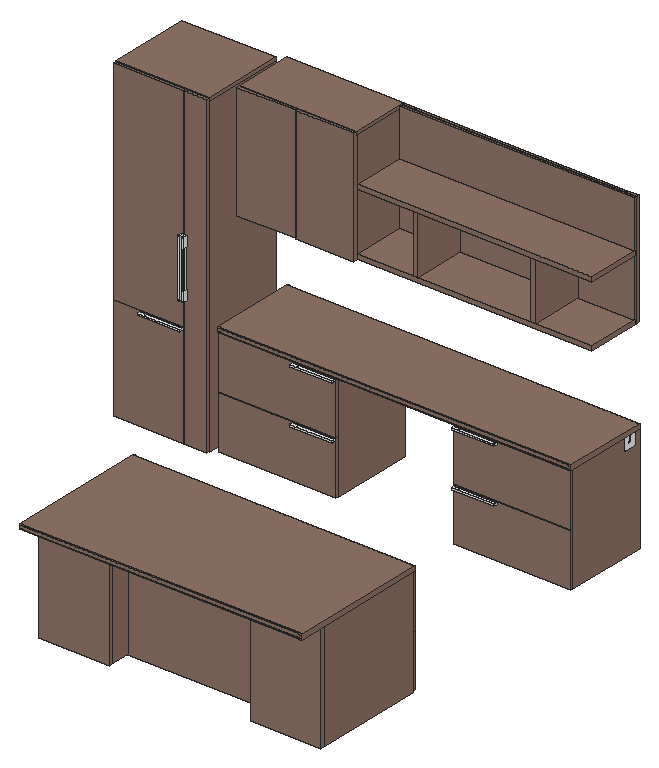
Revit family "FLV017", category Furniture, Revit 2019
Family settings
  OmniClass Number = 23.40.20.00
  OmniClass Title = General Furniture and Specialties
  Work Plane-Based = No
  Always vertical = Yes
  Cut with Voids When Loaded = No
  Shared = Yes
  Room Calculation Point = No
Parameters
  Series = "Flux Veneer"
  Manufacturer = "JSI"
  Description = "FLV017"
Reference planes (in)
  plane 1 "Center Front/Back": y = 0
  plane 2: z = 0
  plane 3 "Center Left/Right": x = 0
Dimensions and locks (in)
  aligned and locked: level to plane 2
Nested families (in)
  nested 1: "JSI-Flux- FF_Knspce_Crednz" at (60.06413, -10.75, 0), type "FLV2290-29F4K4, Lt File Knspc Crdnz, Veneer"
    with Width 7' - 6"
  nested 2: "JSI-Flux-Dbl_Ht_Wall_Mount_OH_Shelf" at (89.87663, -10.75, 23.02894), type "FLV1560-29WMS, Dbl Ht Wall Mount OH Shelf, Veneer"
    with Width 5' - 0", Part Dist 1' - 2 7/16"
  nested 3: "JSI-Flux-Wall_Mount_Dbl_Ht_OH" at (60.03288, -10.75, 23.02894), type "FLV1630-29WSO, Wall Mount Dbl Ht OH, 2 Dr, Veneer"
    with Wiring Hole Dist 0' - 9", Width 2' - 5 7/8", Shelf Width_L 2' - 4 3/8", Shelf Width_R 2' - 4 3/8", Shelf Dist_R 0' - 0 3/4", Shelf Dist_C 0' - 0 3/4", R no, Partition-R no, Partition-L no, Partition Distance_R 0' - 0", Partition Distance_L 0' - 0", Door Width 1' - 2 7/8", Door Array Distance 1' - 3", Shelf Width_Central 2' - 4 3/8", # of Doors 2
  nested 4: "JSI-Flux-Wb_Pm_Ht" at (34.57634, -12.46779, 0), type "FLV2224-81F7DWR, Strg Cab Dr, Wb, R, Veneer"
    with V_Pull_L_R yes, Top_Pull_Dist 0' - 6 29/32", Top_2_Pull_Dist 2' - 2 1/16", R_Vertical_Pull_Dist 1' - 6 5/16", L_Vertical_Pull_Dist 1' - 5 3/4", Hanger_Dist 1' - 5 9/32", H_Void_Width 1' - 6", H_Void_Upper_Dist 0' - 2", H_Void_C_Dist 0' - 2", H_Void_Bottom_Dist 0' - 2", H_Dist_V_Void 1' - 5 31/32", Top_Shelf_Width 1' - 4 1/2", Width 2' - 0 1/16", Partition Dist 1' - 5 9/32", H_Dist_Bottom_Shelf 1' - 5 1/4", F2 no, F1 no, F0 no, C_Shelf_Width 1' - 4 1/2", C_Pull_Dist 0' - 6 29/32", C_Pull no, Bottom_Pull_Dist 0' - 6 29/32", Bottom Pull no
  nested 5: "JSI-Flux-Dbl_Ped_Dsk-Brk_Frnt-Mod-Ovhg_Top" at (79.08538, -98.30105, 0) x (-1, 0, 0) z (0, 0, 1), type "FLV3672ED,Dbl Ped Desk Brk Mod,72" Veneer"
    with Width 6' - 0", Ped Width 1' - 6", Depth 3' - 0"
Definition of nested family "JSI-Flux- FF_Knspce_Crednz"
  Parameters (values of type "Type Catalog - Lt File Knspc Crdnz")
    Worksurface = none
    Width = 8' - 0"
    URL = "www.jsifurniture.com"
    Type Comments = ""
    TAG = "FF"
    Split Worksurface = no
    Split Dist = if(Split Worksurface, 0' 0", 0' 4")  # 0' - 4"
    Pull Width = if(Width > 7' 0", 0' 10 27/32", 0' 8 27/32")  # 0' - 10 27/32"
    Partition Dist = if(Width > 7' 0", 2' 4 1/2", 1' 4 1/2")  # 2' - 4 1/2"
    Series = "FLUX"  # constant formula
    Pull Finish = none
    Model = ""
    Manufacturer = "JSI"  # constant formula
    Keynote = "12500"
    JSI Enviromental Website = "http://www.jsifurniture.com/jsi_sustainability_intro.php"
    Height = 2' - 5"
    Grommet Dist = if(Width > 7' 0", Partition Dist / 2, Partition Dist + 0' 4")  # 1' - 2 1/4"
    Glides = none
    Door Height = (Height - 0' 1 3/16" - 0' 0 5/16" - 0' 0 3/8") / 2  # 1' - 1 9/16"
    Back = none
    Door Front = none
    Description = ""
    Depth = 1' - 10"
    Chassis = none
    Assembly Code = "E2020200"
  Reference planes (in)
    plane 1: z = 0
    plane 2 "Center (Left/Right)": x = -36.06413
    plane 3 "Center (Front/Back)": y = 10.75
    plane 4: x = 59.93587
    plane 5: x = -36.00163
    plane 6: y = 10.6875
    plane 7: x = 59.87337
    plane 8: x = 11.93587
    plane 9: y = 10.625
    plane 10: y = -11.25
    plane 11: y = -11.125
    plane 12: y = -10.375
    plane 13: y = 9.875
    plane 14: y = 8.6875
    plane 15: y = 6.5
    plane 16: y = 6
    plane 17: y = 5.875
    plane 18: y = -6.375
    plane 19: y = -8.125
    plane 20: z = 0.3125
    plane 21: z = 1.5
    plane 22: z = 2.25
    plane 23: z = 29
    plane 24: z = 27.8125
    plane 25: z = 27.0625
    plane 26: z = 24.5625
    plane 27: z = 14.65625
    plane 28: z = 15.03125
    plane 29: z = 14.28125
    plane 30: x = -6.75163
    plane 31: x = 30.62337
    plane 32: x = -6.00163
    plane 33: x = 29.87337
    plane 34: x = -35.25163
    plane 35: x = 59.12337
    plane 36: y = 8.4375
    plane 37: z = 17.15625
    plane 38: y = 9.375
    plane 39: y = 6.875
    plane 40: z = 27.6875
    plane 41: z = 0.4375
    plane 42: x = -35.93913
    plane 43: x = 59.81087
    plane 44: x = -6.06413
    plane 45: x = -5.93913
    plane 46: x = 29.81087
    plane 47: x = 29.93587
    plane 48: z = 27.6875
    plane 49: z = 27.48438
    plane 50: z = 27.48437
    plane 51: y = -9.375
    plane 52: x = -34.25163
    plane 53: x = 58.12337
    plane 54: x = -21.00163
    plane 55: x = 11.93587
    plane 56: x = 44.87337
    plane 57: z = 22.8125
    plane 58: y = 9.1875
    plane 59: y = 8.5
    plane 60: y = 7
    plane 61: z = 23
    plane 62: z = 25
    plane 63: x = -7.75163
    plane 64: x = 31.62337
    plane 65: x = -24.00163
    plane 66: x = -18.00163
    plane 67: x = 41.87337
    plane 68: x = 47.87337
    plane 69: z = 26.21875
    plane 70: y = 7.59375
    plane 71: y = 7.84375
    plane 72: y = 7.34375
    plane 73: z = 14
    plane 74: z = 14.125
    plane 75: x = -6.22038
    plane 76: x = 30.09212
    plane 77: z = 13.79688
    plane 78: x = -21.00163
    plane 79: x = 44.87337
  Forms (in)
    Extrusion 1, solid
      sketch origin (0, 0, 0) x (0, 1, 0) y (0, 0, 1)
        loop
          line (6, 27.0625) -> (6, 27.8125) -> (-10.375, 27.8125) -> (-10.375, 27.0625) -> (6, 27.0625)
      from -35.25163 to -6.75163
    Extrusion 2, solid, material <- "Chassis"
      sketch origin (0, 0, 0) x (0, 1, 0) y (0, 0, 1)
        loop
          line (9.875, 2.25) -> (-10.375, 2.25) -> (-10.375, 1.5) -> (9.875, 1.5) -> (9.875, 2.25)
      from -35.25163 to -6.75163
    Extrusion 3, solid, material <- "Chassis"
      sketch origin (0, 0, 0) x (0, 1, 0) y (0, 0, 1)
        loop
          line (10.6875, 27.8125) -> (9.1875, 27.8125) -> (9.1875, 25.0625)
          arc (9.1875, 25.0625) -> (9.04105, 24.70895) -> (8.6875, 24.5625) r 0.5
          line (8.6875, 24.5625) -> (6.5, 24.5625)
          arc (6.5, 24.5625) -> (6.14645, 24.70895) -> (6, 25.0625) r 0.5
          line (6, 25.0625) -> (6, 27.8125) -> (-10.375, 27.8125) -> (-10.375, 0.3125) -> (10.6875, 0.3125) -> (10.6875, 27.8125)
      from -6.75163 to -6.00163
    Extrusion 4, solid, material <- "Chassis"
      sketch origin (0, 0, 0) x (0, 1, 0) y (0, 0, 1)
        loop
          line (10.6875, 27.8125) -> (9.1875, 27.8125) -> (9.1875, 25.0625)
          arc (9.1875, 25.0625) -> (9.04105, 24.70895) -> (8.6875, 24.5625) r 0.5
          line (8.6875, 24.5625) -> (6.5, 24.5625)
          arc (6.5, 24.5625) -> (6.14645, 24.70895) -> (6, 25.0625) r 0.5
          line (6, 25.0625) -> (6, 27.8125) -> (-10.375, 27.8125) -> (-10.375, 0.3125) -> (10.6875, 0.3125) -> (10.6875, 27.8125)
      from 29.87337 to 30.62337
    Extrusion 5, solid, material <- "Back"
      sketch origin (0, 0, 0) x (0, 1, 0) y (0, 0, 1)
        loop
          line (8.6875, 27.8125) -> (8.6875, 22.8125) -> (9.875, 22.8125) -> (9.875, 27.8125) -> (8.6875, 27.8125)
      from -35.25163 to 59.12337
    Extrusion 6, solid, material <- "Chassis"
      sketch origin (0, 0, 0) x (0, 1, 0) y (0, 0, 1)
        loop
          line (9.875, 1.5) -> (5.875, 1.5) -> (5.875, 0.3125) -> (9.875, 0.3125) -> (9.875, 1.5)
      from -35.25163 to -6.75163
    Extrusion 7, solid, material <- "Chassis"
      sketch origin (0, 0, 0) x (0, 1, 0) y (0, 0, 1)
        loop
          line (-6.375, 1.5) -> (-10.375, 1.5) -> (-10.375, 0.3125) -> (-6.375, 0.3125) -> (-6.375, 1.5)
      from -35.25163 to -6.75163
    Extrusion 8, solid, material <- "Worksurface"
      sketch origin (0, 0, 0) x (0, 1, 0) y (0, 0, 1)
        loop
          arc (10.75, 28.875) -> (10.71339, 28.96339) -> (10.625, 29) r 0.125
          line (10.625, 29) -> (-11.125, 29)
          arc (-11.125, 29) -> (-11.21339, 28.96339) -> (-11.25, 28.875) r 0.125
          line (-11.25, 28.875) -> (-11.25, 27.9375)
          arc (-11.25, 27.9375) -> (-11.21339, 27.84911) -> (-11.125, 27.8125) r 0.125
          line (-11.125, 27.8125) -> (10.625, 27.8125)
          arc (10.625, 27.8125) -> (10.71339, 27.84911) -> (10.75, 27.9375) r 0.125
          line (10.75, 27.9375) -> (10.75, 28.875)
      from -36.06413 to 59.93587
    Extrusion 9, solid, material <- "Glides"
      sketch origin (0, 0, 0) x (1, 0, 0) y (0, 1, 0)
        loop
          circle (-34.25163, 8.6875) r 0.5
      from 0 to 0.3125
    Extrusion 10, solid, material <- "Glides"
      sketch origin (0, 0, 0) x (1, 0, 0) y (0, 1, 0)
        loop
          circle (-34.25163, -9.375) r 0.5
      from 0 to 0.3125
    Extrusion 11, solid, material <- "Glides"
      sketch origin (0, 0, 0) x (1, 0, 0) y (0, 1, 0)
        loop
          circle (58.12337, 8.6875) r 0.5
      from 0 to 0.3125
    Extrusion 12, solid, material <- "Glides"
      sketch origin (0, 0, 0) x (1, 0, 0) y (0, 1, 0)
        loop
          circle (58.12337, -9.375) r 0.5
      from 0 to 0.3125
    Extrusion 13, solid, material <- "Glides"
      sketch origin (0, 0, 0) x (1, 0, 0) y (0, 1, 0)
        loop
          circle (-7.75163, 8.6875) r 0.5
      from 0 to 0.3125
    Extrusion 14, solid, material <- "Glides"
      sketch origin (0, 0, 0) x (1, 0, 0) y (0, 1, 0)
        loop
          circle (31.62337, 8.6875) r 0.5
      from 0 to 0.3125
    Extrusion 15, solid, material <- "Glides"
      sketch origin (0, 0, 0) x (1, 0, 0) y (0, 1, 0)
        loop
          circle (-7.75163, -9.375) r 0.5
      from 0 to 0.3125
    Extrusion 16, solid, material <- "Glides"
      sketch origin (0, 0, 0) x (1, 0, 0) y (0, 1, 0)
        loop
          circle (31.62337, -9.375) r 0.5
      from 0 to 0.3125
    Extrusion 17, solid, material <- "Back"
      sketch origin (0, 0, 0) x (1, 0, 0) y (0, 0, 1)
        loop
          line (-35.25163, 27.8125) -> (-35.25163, 0.3125) -> (-6.75163, 0.3125) -> (-6.75163, 27.8125) -> (-35.25163, 27.8125)
      from -10.625 to -9.875
    Extrusion 18, solid, material <- "Chassis"
      sketch origin (0, 0, 0) x (0, 1, 0) y (0, 0, 1)
        loop
          line (10.6875, 27.8125) -> (9.1875, 27.8125) -> (9.1875, 25.0625)
          arc (9.1875, 25.0625) -> (9.04105, 24.70895) -> (8.6875, 24.5625) r 0.5
          line (8.6875, 24.5625) -> (6.5, 24.5625)
          arc (6.5, 24.5625) -> (6.14645, 24.70895) -> (6, 25.0625) r 0.5
          line (6, 25.0625) -> (6, 27.8125) -> (-10.375, 27.8125) -> (-10.375, 0.3125) -> (10.6875, 0.3125) -> (10.6875, 27.8125)
      from -36.00163 to -35.25163
    Extrusion 19, solid, material <- "Chassis"
      sketch origin (0, 0, 0) x (0, 1, 0) y (0, 0, 1)
        loop
          line (10.6875, 27.8125) -> (9.1875, 27.8125) -> (9.1875, 25.0625)
          arc (9.1875, 25.0625) -> (9.04105, 24.70895) -> (8.6875, 24.5625) r 0.5
          line (8.6875, 24.5625) -> (6.5, 24.5625)
          arc (6.5, 24.5625) -> (6.14645, 24.70895) -> (6, 25.0625) r 0.5
          line (6, 25.0625) -> (6, 27.8125) -> (-10.375, 27.8125) -> (-10.375, 0.3125) -> (10.6875, 0.3125) -> (10.6875, 27.8125)
      from 59.12337 to 59.87337
    Extrusion 20, void
      sketch origin (0, 0, 0) x (1, 0, 0) y (0, 1, 0)
        loop
          line (59.93587, 8.5) -> (-36.06413, 8.5) -> (-36.06413, 7) -> (59.93587, 7) -> (59.93587, 8.5)
      from 23 to 25
    Extrusion 21, solid, material <- "Back"
      sketch origin (0, 0, 0) x (1, 0, 0) y (0, 0, 1)
        loop
          line (30.62337, 27.8125) -> (30.62337, 0.3125) -> (59.12337, 0.3125) -> (59.12337, 27.8125) -> (30.62337, 27.8125)
      from -10.625 to -9.875
    Extrusion 22, solid, material <- "Chassis"
      sketch origin (0, 0, 0) x (0, 1, 0) y (0, 0, 1)
        loop
          line (9.875, 2.25) -> (-10.375, 2.25) -> (-10.375, 1.5) -> (9.875, 1.5) -> (9.875, 2.25)
      from 30.62337 to 59.12337
    Extrusion 23, solid, material <- "Chassis"
      sketch origin (0, 0, 0) x (0, 1, 0) y (0, 0, 1)
        loop
          line (9.875, 1.5) -> (5.875, 1.5) -> (5.875, 0.3125) -> (9.875, 0.3125) -> (9.875, 1.5)
      from 30.62337 to 59.12337
    Extrusion 24, solid, material <- "Chassis"
      sketch origin (0, 0, 0) x (0, 1, 0) y (0, 0, 1)
        loop
          line (-6.375, 1.5) -> (-10.375, 1.5) -> (-10.375, 0.3125) -> (-6.375, 0.3125) -> (-6.375, 1.5)
      from 30.62337 to 59.12337
    Extrusion 25, void
      sketch origin (0, 0, 0) x (1, 0, 0) y (0, 0, 1)
        loop
          line (-23.00163, 14.65625) -> (-19.00163, 14.65625)
          arc (-19.00163, 14.65625) -> (-18.29453, 14.94914) -> (-18.00163, 15.65625) r 1
          line (-18.00163, 15.65625) -> (-18.00163, 16.15625)
          arc (-18.00163, 16.15625) -> (-18.29453, 16.86336) -> (-19.00163, 17.15625) r 1
          line (-19.00163, 17.15625) -> (-23.00163, 17.15625)
          arc (-23.00163, 17.15625) -> (-23.70874, 16.86336) -> (-24.00163, 16.15625) r 1
          line (-24.00163, 16.15625) -> (-24.00163, 15.65625)
          arc (-24.00163, 15.65625) -> (-23.70874, 14.94914) -> (-23.00163, 14.65625) r 1
      from -10.75 to -9.875
    Extrusion 26, solid, material <- "Pull Finish"
      sketch origin (0, 0, 0) x (0, 1, 0) y (0, 0, 1)
        loop
          arc (7.84375, 26.92586) -> (7.87949, 26.71752) -> (7.98264, 26.53302) r 0.625
          arc (7.98264, 26.53302) -> (7.59375, 25.71875) -> (7.20486, 26.53302) r 0.5
          arc (7.20486, 26.53302) -> (7.30801, 26.71752) -> (7.34375, 26.92586) r 0.625
          line (7.34375, 26.92586) -> (7.34375, 27.8125) -> (6, 27.8125) -> (6, 25.0625)
          arc (6, 25.0625) -> (6.14645, 24.70895) -> (6.5, 24.5625) r 0.5
          line (6.5, 24.5625) -> (8.6875, 24.5625)
          arc (8.6875, 24.5625) -> (9.04105, 24.70895) -> (9.1875, 25.0625) r 0.5
          line (9.1875, 25.0625) -> (9.1875, 27.8125) -> (7.84375, 27.8125) -> (7.84375, 26.92586)
      from 59.81087 to 59.87337
    Extrusion 27, solid, material <- "Door Front"
      sketch origin (0, 0, 0) x (1, 0, 0) y (0, 1, 0)
        loop
          line (-35.93913, -10.375) -> (-35.93913, -11.125) -> (-6.06413, -11.125) -> (-6.06413, -10.375) -> (-35.93913, -10.375)
      from 14.125 to 27.6875
    Extrusion 28, solid, material <- "Door Front"
      sketch origin (0, 0, 0) x (1, 0, 0) y (0, 1, 0)
        loop
          line (-35.93913, -10.375) -> (-35.93913, -11.125) -> (-6.06413, -11.125) -> (-6.06413, -10.375) -> (-35.93913, -10.375)
      from 0.4375 to 14
    Extrusion 29, solid, material <- "Door Front"
      sketch origin (0, 0, 0) x (1, 0, 0) y (0, 1, 0)
        loop
          line (29.93587, -10.375) -> (29.93587, -11.125) -> (59.81087, -11.125) -> (59.81087, -10.375) -> (29.93587, -10.375)
      from 14.125 to 27.6875
    Extrusion 30, solid, material <- "Door Front"
      sketch origin (0, 0, 0) x (1, 0, 0) y (0, 1, 0)
        loop
          line (29.93587, -10.375) -> (29.93587, -11.125) -> (59.81087, -11.125) -> (59.81087, -10.375) -> (29.93587, -10.375)
      from 0.4375 to 14
    Extrusion 31, void
      sketch origin (0, 0, 0) x (1, 0, 0) y (0, 0, 1)
        loop
          arc (42.87337, 17.15625) -> (42.16626, 16.86336) -> (41.87337, 16.15625) r 1
          line (41.87337, 16.15625) -> (41.87337, 15.65625)
          arc (41.87337, 15.65625) -> (42.16626, 14.94914) -> (42.87337, 14.65625) r 1
          line (42.87337, 14.65625) -> (46.87337, 14.65625)
          arc (46.87337, 14.65625) -> (47.58047, 14.94914) -> (47.87337, 15.65625) r 1
          line (47.87337, 15.65625) -> (47.87337, 16.15625)
          arc (47.87337, 16.15625) -> (47.58047, 16.86336) -> (46.87337, 17.15625) r 1
          line (46.87337, 17.15625) -> (42.87337, 17.15625)
      from -10.75 to -9.875
    Extrusion 32, solid, material <- "Pull Finish"
      sketch origin (0, 0, 0) x (0, 1, 0) y (0, 0, 1)
        loop
          arc (7.84375, 26.92586) -> (7.87949, 26.71752) -> (7.98264, 26.53302) r 0.625
          arc (7.98264, 26.53302) -> (7.59375, 25.71875) -> (7.20486, 26.53302) r 0.5
          arc (7.20486, 26.53302) -> (7.30801, 26.71752) -> (7.34375, 26.92586) r 0.625
          line (7.34375, 26.92586) -> (7.34375, 27.8125) -> (6, 27.8125) -> (6, 25.0625)
          arc (6, 25.0625) -> (6.14645, 24.70895) -> (6.5, 24.5625) r 0.5
          line (6.5, 24.5625) -> (8.6875, 24.5625)
          arc (8.6875, 24.5625) -> (9.04105, 24.70895) -> (9.1875, 25.0625) r 0.5
          line (9.1875, 25.0625) -> (9.1875, 27.8125) -> (7.84375, 27.8125) -> (7.84375, 26.92586)
      from -36.00163 to -35.93913
    Extrusion 33, solid, material <- "Worksurface", detail levels medium+fine
      sketch origin (0, 0, 0) x (0, 1, 0) y (0, 0, 1)
        loop
          line (6, 27.0625) -> (6, 27.8125) -> (-10.375, 27.8125) -> (-10.375, 27.0625) -> (6, 27.0625)
      from 30.62337 to 59.12337
  Cuts and joins
    Extrusion 20 cuts Extrusion 8
    Extrusion 25 cuts Extrusion 17
    Extrusion 31 cuts Extrusion 21
  Lines and regions (in)
    symbolic lines
      curve 1: line (59.93587, 10.75, 0) -> (-36.06413, 10.75, 0)
      curve 2: line (59.93587, -11.25, 0) -> (-36.06413, -11.25, 0)
      curve 3: line (59.93587, 10.75, 0) -> (59.93587, -11.25, 0)
      curve 4: line (-36.06413, 10.75, 0) -> (-36.06413, -11.25, 0)
    symbolic lines, visible <- "Split Worksurface"
      curve 5: line (59.93587, 8.5, 0) -> (-36.06413, 8.5, 0)
      curve 6: line (59.93587, 7, 0) -> (-36.06413, 7, 0)
    symbolic lines, detail levels medium+fine
      curve 7: line (-36.00163, 10.6875, 0) -> (-36.00163, -10.375, 0)
      curve 8: line (-35.25163, 10.6875, 0) -> (-35.25163, -10.375, 0)
      curve 9: line (-35.25163, 10.6875, 0) -> (-36.00163, 10.6875, 0)
      curve 10: line (-35.25163, -10.375, 0) -> (-36.00163, -10.375, 0)
      curve 11: line (-6.75163, 10.6875, 0) -> (-6.75163, -10.375, 0)
      curve 12: line (-6.00163, 10.6875, 0) -> (-6.00163, -10.375, 0)
      curve 13: line (-6.00163, 10.6875, 0) -> (-6.75163, 10.6875, 0)
      curve 14: line (-6.00163, -10.375, 0) -> (-6.75163, -10.375, 0)
      curve 15: line (29.87337, 10.6875, 0) -> (29.87337, -10.375, 0)
      curve 16: line (30.62337, 10.6875, 0) -> (30.62337, -10.375, 0)
      curve 17: line (30.62337, 10.6875, 0) -> (29.87337, 10.6875, 0)
      curve 18: line (30.62337, -10.375, 0) -> (29.87337, -10.375, 0)
      curve 19: line (59.12337, 10.6875, 0) -> (59.12337, -10.375, 0)
      curve 20: line (59.87337, 10.6875, 0) -> (59.87337, -10.375, 0)
      curve 21: line (59.87337, 10.6875, 0) -> (59.12337, 10.6875, 0)
      curve 22: line (59.87337, -10.375, 0) -> (59.12337, -10.375, 0)
      curve 23: line (-6.75163, 10.625, 0) -> (-35.25163, 10.625, 0)
      curve 24: line (-6.75163, 9.875, 0) -> (-35.25163, 9.875, 0)
      curve 25: line (59.12337, 10.625, 0) -> (30.62337, 10.625, 0)
      curve 26: line (59.12337, 9.875, 0) -> (30.62337, 9.875, 0)
      curve 27: line (-6.00163, 10.625, 0) -> (29.87337, 10.625, 0)
      curve 28: line (-6.00163, 9.875, 0) -> (29.87337, 9.875, 0)
  Dimensions and locks (in)
    plane 2 "Center (Left/Right)" to plane 5 to plane 42 = 0' - 0 1/16" locked, 0' - 0 1/16" locked
    plane 43 to plane 7 to plane 4 = 0' - 0 1/16" locked, 0' - 0 1/16" locked
    "Width": plane 2 "Center (Left/Right)" to plane 4
    equal spacing: plane 2 "Center (Left/Right)", plane 8, plane 4
    plane 14 to plane 13 to plane 9 to plane 6 to plane 3 "Center (Front/Back)" = 0' - 1 3/16" locked, 0' - 0 3/4" locked, 0' - 0 1/16" locked, 0' - 0 1/16" locked
    "Depth": plane 10 to plane 3 "Center (Front/Back)"
    plane 10 to plane 11 to plane 12 = 0' - 0 1/8" locked, 0' - 0 3/4" locked
    plane 16 to plane 15 to plane 13 = 0' - 0 1/2" locked, 0' - 3 3/8" locked
    locked: plane 17 to plane 13 at 4
    locked: plane 12 to plane 18 at 4
    locked: plane 12 to plane 19 at 2.25
    "Height": plane 23 to plane 1
    locked: plane 23 to plane 24 at 1.1875
    plane 21 to plane 20 to plane 1 = 0' - 1 3/16" locked, 0' - 0 5/16" locked
    plane 24 to plane 25 to plane 26 = 0' - 0 3/4" locked, 0' - 2 1/2" locked
    locked: plane 22 to plane 21 at 0.75
    plane 28 to plane 27 to plane 29 = 0' - 0 3/8" locked, 0' - 0 3/8" locked
    plane 63 to plane 30 to plane 32 = 0' - 1" locked, 0' - 0 3/4" locked
    plane 33 to plane 31 to plane 64 = 0' - 0 3/4" locked, 0' - 1" locked
    plane 5 to plane 34 to plane 52 = 0' - 0 3/4" locked, 0' - 1" locked
    plane 53 to plane 35 to plane 7 = 0' - 1" locked, 0' - 0 3/4" locked
    locked: plane 36 to plane 13 at 1.4375
    equal spacing: plane 25, plane 27, plane 22
    locked: plane 37 to plane 27 at 2.5
    plane 39 to plane 38 to plane 13 = 0' - 2 1/2" locked, 0' - 0 1/2" locked
    locked: plane 41 to plane 20 at 0.125
    locked: plane 24 to plane 40 at 0.125
    plane 44 to plane 32 to plane 45 = 0' - 0 1/16" locked, 0' - 0 1/16" locked
    plane 46 to plane 33 to plane 47 = 0' - 0 1/16" locked, 0' - 0 1/16" locked
    "Partition Dist": plane 34 to plane 30
    "Partition Dist": plane 31 to plane 35
    plane 48 to plane 1 = 2' - 3 11/16"
    locked: plane 40 to plane 49 at 0.20313
    locked: plane 48 to plane 50 at 0.20312
    locked: plane 12 to plane 51 at 1
    locked: plane 24 to plane 57 at 5
    locked: plane 58 to plane 13 at 0.6875
    plane 60 to plane 59 to plane 3 "Center (Front/Back)" = 0' - 1 1/2" locked, 0' - 2 1/4" locked
    locked: plane 62 to plane 61 at 2
    "Split Dist": plane 23 to plane 62
    locked: plane 65 to plane 66 at 6
    locked: plane 67 to plane 68 at 6
    locked: plane 65 to plane 54 at 3
    locked: plane 67 to plane 56 at 3
    "Grommet Dist": plane 34 to plane 54
    "Grommet Dist": plane 56 to plane 35
    locked: plane 24 to plane 69 at 1.59375
    equal spacing: plane 16, plane 70, plane 58
    plane 72 to plane 70 to plane 71 = 0' - 0 1/4" locked, 0' - 0 1/4" locked
    "Door Height": plane 73 to plane 41
    "Door Height": plane 48 to plane 74
    locked: plane 75 to plane 32 at 0.21875
    locked: plane 33 to plane 76 at 0.21875
    locked: plane 73 to plane 77 at 0.20312
    equal spacing: plane 34, plane 78, plane 30
    equal spacing: plane 31, plane 79, plane 35
    radius of Extrusion 9 sketch curve = 0' - 0 1/2"
    radius of Extrusion 10 sketch curve = 0' - 0 1/2"
    radius of Extrusion 11 sketch curve = 0' - 0 1/2"
    radius of Extrusion 12 sketch curve = 0' - 0 1/2"
    radius of Extrusion 13 sketch curve = 0' - 0 1/2"
    radius of Extrusion 15 sketch curve = 0' - 0 1/2"
    radius of Extrusion 14 sketch curve = 0' - 0 1/2"
    radius of Extrusion 16 sketch curve = 0' - 0 1/2"
    aligned and locked: level to plane 1
    aligned and locked: plane 25 to Extrusion 1 sketch curve
    aligned and locked: plane 24 to Extrusion 1 sketch curve
    aligned and locked: plane 16 to Extrusion 1 sketch curve
    aligned and locked: plane 12 to Extrusion 1 sketch curve
    aligned and locked: Extrusion 1 to plane 34
    aligned and locked: plane 22 to Extrusion 2 sketch curve
    aligned and locked: plane 21 to Extrusion 2 sketch curve
    aligned and locked: plane 13 to Extrusion 2 sketch curve
    aligned and locked: plane 12 to Extrusion 2 sketch curve
    aligned and locked: Extrusion 2 to plane 34
    aligned and locked: plane 12 to Extrusion 3 sketch curve
    aligned and locked: Extrusion 3 to plane 30
    aligned and locked: plane 32 to Extrusion 3
    aligned and locked: plane 12 to Extrusion 4 sketch curve
    aligned and locked: plane 31 to Extrusion 4
    aligned and locked: Extrusion 4 to plane 33
    aligned and locked: plane 14 to Extrusion 5 sketch curve
    aligned and locked: plane 13 to Extrusion 5 sketch curve
    aligned and locked: plane 24 to Extrusion 5 sketch curve
    aligned and locked: Extrusion 5 to plane 34
    aligned and locked: plane 35 to Extrusion 5
    aligned and locked: plane 13 to Extrusion 6 sketch curve
    aligned and locked: plane 17 to Extrusion 6 sketch curve
    aligned and locked: plane 20 to Extrusion 6 sketch curve
    aligned and locked: plane 21 to Extrusion 6 sketch curve
    aligned and locked: plane 18 to Extrusion 7 sketch curve
    aligned and locked: plane 12 to Extrusion 7 sketch curve
    aligned and locked: plane 21 to Extrusion 7 sketch curve
    aligned and locked: plane 20 to Extrusion 7 sketch curve
    aligned and locked: Extrusion 6 to plane 34
    aligned and locked: Extrusion 7 to plane 34
    aligned and locked: plane 50 to nested 1
    aligned and locked: plane 50 to nested 2
    aligned and locked: plane 11 to nested 1  (x2)
    aligned and locked: plane 11 to nested 2  (x2)
    aligned and locked: nested 1 to plane 11
    aligned and locked: plane 3 "Center (Front/Back)" to Extrusion 8 sketch curve
    aligned and locked: plane 23 to Extrusion 8 sketch curve
    aligned and locked: plane 24 to Extrusion 8 sketch curve
    aligned and locked: plane 10 to Extrusion 8 sketch curve
    aligned and locked: Extrusion 8 to plane 2 "Center (Left/Right)"
    aligned and locked: plane 4 to Extrusion 8
    aligned and locked: Extrusion 9 to plane 1
    aligned and locked: Extrusion 10 to plane 1
    aligned and locked: plane 20 to Extrusion 10
    aligned and locked: plane 20 to Extrusion 9
    aligned and locked: Extrusion 13 to plane 1
    aligned and locked: Extrusion 15 to plane 1
    aligned and locked: Extrusion 14 to plane 1
    aligned and locked: Extrusion 16 to plane 1
    aligned and locked: plane 1 to Extrusion 11
    aligned and locked: plane 1 to Extrusion 12
    aligned and locked: plane 20 to Extrusion 12
    aligned and locked: plane 20 to Extrusion 11
    aligned and locked: plane 20 to Extrusion 16
    aligned and locked: plane 20 to Extrusion 14
    aligned and locked: plane 20 to Extrusion 13
    aligned and locked: plane 20 to Extrusion 15
    aligned and locked: Extrusion 17 sketch curve to plane 24
    aligned and locked: Extrusion 17 sketch curve to plane 34
    aligned and locked: Extrusion 17 sketch curve to plane 20
    aligned and locked: Extrusion 17 to plane 9
    aligned and locked: plane 13 to Extrusion 17
    aligned and locked: plane 10 to nested 3
    aligned and locked: curve 1 to plane 3 "Center (Front/Back)"
    aligned and locked: curve 2 to plane 10
    aligned and locked: curve 3 to plane 4
    aligned and locked: plane 55 to plane 8
    aligned and locked: Extrusion 5 sketch curve to plane 57
    aligned and locked: plane 58 to Extrusion 3 sketch curve
    aligned and locked: plane 16 to Extrusion 3 sketch curve
    aligned and locked: plane 26 to Extrusion 3 sketch curve
    aligned and locked: plane 58 to Extrusion 4 sketch curve
    aligned and locked: plane 16 to Extrusion 4 sketch curve
    aligned and locked: plane 26 to Extrusion 4 sketch curve
    aligned and locked: plane 6 to Extrusion 18 sketch curve
    aligned and locked: plane 24 to Extrusion 18 sketch curve
    aligned and locked: plane 12 to Extrusion 18 sketch curve
    aligned and locked: plane 20 to Extrusion 18 sketch curve
    aligned and locked: plane 58 to Extrusion 18 sketch curve
    aligned and locked: plane 16 to Extrusion 18 sketch curve
    aligned and locked: plane 26 to Extrusion 18 sketch curve
    aligned and locked: Extrusion 18 to plane 5
    aligned and locked: plane 34 to Extrusion 18
    aligned and locked: plane 6 to Extrusion 19 sketch curve
    aligned and locked: plane 24 to Extrusion 19 sketch curve
    aligned and locked: plane 12 to Extrusion 19 sketch curve
    aligned and locked: plane 20 to Extrusion 19 sketch curve
    aligned and locked: plane 58 to Extrusion 19 sketch curve
    aligned and locked: plane 16 to Extrusion 19 sketch curve
    aligned and locked: plane 26 to Extrusion 19 sketch curve
    aligned and locked: plane 7 to Extrusion 19
    aligned and locked: Extrusion 19 to plane 35
    aligned and locked: Extrusion 3 sketch curve to plane 24  (x2)
    aligned and locked: Extrusion 4 sketch curve to plane 24  (x2)
    aligned and locked: Extrusion 20 sketch curve to plane 59
    aligned and locked: Extrusion 20 sketch curve to plane 60
    aligned and locked: Extrusion 20 sketch curve to plane 2 "Center (Left/Right)"
    aligned and locked: Extrusion 20 sketch curve to plane 4
    aligned and locked: plane 62 to Extrusion 20
    aligned and locked: Extrusion 20 to plane 61
    aligned and locked: Extrusion 17 sketch curve to plane 30
    aligned and locked: Extrusion 3 sketch curve to plane 6
    aligned and locked: Extrusion 21 sketch curve to plane 31
    aligned and locked: Extrusion 21 sketch curve to plane 24
    aligned and locked: Extrusion 21 sketch curve to plane 35
    aligned and locked: Extrusion 21 sketch curve to plane 20
    aligned and locked: Extrusion 21 to plane 9
    aligned and locked: plane 13 to Extrusion 21
    aligned and locked: Extrusion 4 sketch curve to plane 6
    aligned and locked: Extrusion 3 sketch curve to plane 20
    aligned and locked: Extrusion 4 sketch curve to plane 20
    aligned and locked: plane 30 to Extrusion 2
    aligned and locked: plane 13 to Extrusion 22 sketch curve
    aligned and locked: plane 12 to Extrusion 22 sketch curve
    aligned and locked: plane 22 to Extrusion 22 sketch curve
    aligned and locked: plane 21 to Extrusion 22 sketch curve
    aligned and locked: plane 35 to Extrusion 22
    aligned and locked: Extrusion 22 to plane 31
    aligned and locked: plane 30 to Extrusion 6
    aligned and locked: plane 30 to Extrusion 7
    aligned and locked: plane 13 to Extrusion 23 sketch curve
    aligned and locked: plane 17 to Extrusion 23 sketch curve
    aligned and locked: plane 21 to Extrusion 23 sketch curve
    aligned and locked: plane 20 to Extrusion 23 sketch curve
    aligned and locked: plane 18 to Extrusion 24 sketch curve
    aligned and locked: plane 12 to Extrusion 24 sketch curve
    aligned and locked: plane 20 to Extrusion 24 sketch curve
    aligned and locked: plane 21 to Extrusion 24 sketch curve
    aligned and locked: plane 35 to Extrusion 24
    aligned and locked: plane 35 to Extrusion 23
    aligned and locked: Extrusion 24 to plane 31
    aligned and locked: Extrusion 23 to plane 31
    aligned and locked: Extrusion 25 sketch curve to plane 27
    aligned and locked: Extrusion 25 sketch curve to plane 37
    aligned and locked: Extrusion 25 sketch curve to plane 65
    aligned and locked: Extrusion 25 sketch curve to plane 66
    aligned and locked: Extrusion 25 to plane 3 "Center (Front/Back)"
    aligned and locked: plane 13 to Extrusion 25
    aligned and locked: plane 7 to Extrusion 26
    aligned and locked: Extrusion 26 to plane 43
    aligned and locked: Extrusion 27 sketch curve to plane 42
    aligned and locked: Extrusion 27 sketch curve to plane 12
    aligned and locked: Extrusion 27 sketch curve to plane 11
    aligned and locked: Extrusion 27 sketch curve to plane 44
    aligned and locked: Extrusion 27 to plane 74
    aligned and locked: Extrusion 28 sketch curve to plane 42
    aligned and locked: Extrusion 28 sketch curve to plane 11
    aligned and locked: Extrusion 28 sketch curve to plane 12
    aligned and locked: Extrusion 28 sketch curve to plane 44
    aligned and locked: plane 73 to Extrusion 28
    aligned and locked: Extrusion 28 to plane 41
    aligned and locked: Extrusion 29 sketch curve to plane 47
    aligned and locked: Extrusion 29 sketch curve to plane 11
    aligned and locked: Extrusion 29 sketch curve to plane 43
    aligned and locked: Extrusion 29 sketch curve to plane 12
    aligned and locked: plane 48 to Extrusion 29
    aligned and locked: Extrusion 29 to plane 74
    aligned and locked: Extrusion 30 sketch curve to plane 47
    aligned and locked: Extrusion 30 sketch curve to plane 11
    aligned and locked: Extrusion 30 sketch curve to plane 43
    aligned and locked: Extrusion 30 sketch curve to plane 12
    aligned and locked: plane 73 to Extrusion 30
    aligned and locked: Extrusion 30 to plane 41
    aligned and locked: nested 2 to plane 76
    aligned and locked: plane 75 to nested 1
    aligned and locked: plane 75 to nested 4
    aligned and locked: plane 77 to nested 4
    aligned and locked: nested 5 to plane 76
    aligned and locked: plane 77 to nested 5
    aligned and locked: nested 2 to plane 11  (x2)
    aligned and locked: plane 11 to nested 4
    aligned and locked: plane 11 to nested 5
    aligned and locked: nested 5 to plane 11
    aligned and locked: Extrusion 31 sketch curve to plane 37
    aligned and locked: Extrusion 31 sketch curve to plane 27
    aligned and locked: Extrusion 31 sketch curve to plane 67
    aligned and locked: Extrusion 31 sketch curve to plane 68
    aligned and locked: Extrusion 31 to plane 3 "Center (Front/Back)"
    aligned and locked: plane 13 to Extrusion 31
    aligned and locked: Extrusion 32 sketch curve to Extrusion 26  (x9)
    aligned and locked: Extrusion 32 to plane 5
    aligned and locked: plane 42 to Extrusion 32
    aligned and locked: plane 4 to curve 5
    aligned and locked: plane 2 "Center (Left/Right)" to curve 6
    aligned and locked: plane 2 "Center (Left/Right)" to curve 5
    aligned and locked: plane 30 to Extrusion 1
    aligned and locked: plane 25 to Extrusion 33 sketch curve
    aligned and locked: plane 24 to Extrusion 33 sketch curve
    aligned and locked: plane 12 to Extrusion 33 sketch curve
    aligned and locked: plane 16 to Extrusion 33 sketch curve
    aligned and locked: plane 35 to Extrusion 33
    aligned and locked: Extrusion 33 to plane 31
    aligned and locked: plane 78 to nested 3
    aligned and locked: plane 79 to nested 6
    aligned and locked: plane 10 to nested 6
    aligned and locked: curve 7 to plane 5
    aligned and locked: curve 8 to plane 34
    aligned and locked: curve 9 to plane 6
    aligned and locked: curve 10 to plane 12
    aligned and locked: curve 11 to plane 30
    aligned and locked: curve 12 to plane 32
    aligned and locked: curve 13 to plane 6
    aligned and locked: curve 14 to plane 12
    aligned and locked: curve 15 to plane 33
    aligned and locked: curve 16 to plane 31
    aligned and locked: curve 17 to plane 6
    aligned and locked: curve 18 to plane 12
    aligned and locked: curve 19 to plane 35
    aligned and locked: curve 20 to plane 7
    aligned and locked: curve 21 to plane 6
    aligned and locked: curve 22 to plane 12
    aligned and locked: plane 34 to curve 23
    aligned and locked: plane 30 to curve 23
    aligned and locked: plane 30 to curve 24
    aligned and locked: plane 31 to curve 25
    aligned and locked: plane 31 to curve 26
    aligned and locked: plane 35 to curve 25
    aligned and locked: plane 35 to curve 26
    aligned and locked: plane 32 to curve 27
    aligned and locked: plane 32 to curve 28
    aligned and locked: plane 33 to curve 27
    aligned and locked: plane 33 to curve 28
    aligned and locked: plane 13 to curve 28
    aligned and locked: plane 9 to curve 27
  Automatic sketch dimensions
    plane 14 to Extrusion 9 sketch curve = 0' - 0"
    Extrusion 9 sketch curve to plane 52 = 0' - 0"
    plane 51 to Extrusion 10 sketch curve = 0' - 0"
    Extrusion 10 sketch curve to plane 52 = 0' - 0"
    plane 14 to Extrusion 11 sketch curve = 0' - 0"
    Extrusion 11 sketch curve to plane 53 = 0' - 0"
    plane 51 to Extrusion 12 sketch curve = 0' - 0"
    Extrusion 12 sketch curve to plane 53 = 0' - 0"
    Extrusion 8 sketch curve to plane 11 = 0' - 0"  (x2)
    Extrusion 8 sketch curve to plane 9 = 0' - 0"  (x2)
    Extrusion 3 sketch curve to plane 15 = 0' - 0"
    Extrusion 3 sketch curve to plane 14 = 0' - 0"
    Extrusion 4 sketch curve to plane 15 = 0' - 0"
    Extrusion 4 sketch curve to plane 14 = 0' - 0"
    Extrusion 18 sketch curve to plane 15 = 0' - 0"
    Extrusion 18 sketch curve to plane 14 = 0' - 0"
    Extrusion 18 sketch curve to plane 24 = 0' - 0"
    Extrusion 19 sketch curve to plane 15 = 0' - 0"
    Extrusion 19 sketch curve to plane 14 = 0' - 0"
    Extrusion 19 sketch curve to plane 24 = 0' - 0"  (x2)
    plane 14 to Extrusion 13 sketch curve = 0' - 0"
    Extrusion 13 sketch curve to plane 63 = 0' - 0"
    plane 51 to Extrusion 15 sketch curve = 0' - 0"
    Extrusion 15 sketch curve to plane 63 = 0' - 0"
    plane 14 to Extrusion 14 sketch curve = 0' - 0"
    Extrusion 14 sketch curve to plane 64 = 0' - 0"
    plane 51 to Extrusion 16 sketch curve = 0' - 0"
    Extrusion 16 sketch curve to plane 64 = 0' - 0"
    plane 28 to Extrusion 25 sketch curve = 0' - 0 5/8"
    plane 65 to Extrusion 25 sketch curve = 0' - 1"
    Extrusion 25 sketch curve to plane 66 = 0' - 1"
    Extrusion 25 sketch curve to Extrusion 25 sketch curve = 0' - 0"
    Extrusion 26 sketch curve to plane 16 = 0' - 0"
    Extrusion 26 sketch curve to plane 24 = 0' - 0"  (x2)
    Extrusion 26 sketch curve to plane 72 = 0' - 0"
    Extrusion 26 sketch curve to plane 69 = 0' - 0"
    Extrusion 26 sketch curve to plane 70 = 0' - 0"
    Extrusion 26 sketch curve to plane 71 = 0' - 0"
    Extrusion 26 sketch curve to plane 14 = 0' - 0"
    Extrusion 26 sketch curve to plane 26 = 0' - 0"
    Extrusion 26 sketch curve to plane 25 = 0' - 0.13664"  (x2)
    plane 28 to Extrusion 31 sketch curve = 0' - 0 5/8"
    Extrusion 31 sketch curve to Extrusion 31 sketch curve = 0' - 0"
    Extrusion 31 sketch curve to plane 68 = 0' - 1"  (x2)
    plane 12 to curve 16 = 0' - 0"
    plane 12 to curve 12 = 0' - 0"
    plane 60 to curve 6 = 0' - 0"
    plane 59 to curve 5 = 0' - 0"
    plane 13 to curve 26 = 0' - 0"
    plane 13 to curve 24 = 0' - 0"
    plane 9 to curve 25 = 0' - 0"
    plane 9 to curve 23 = 0' - 0"
  Nested families (in)
    nested 1: "Bar Pull C" at (-14.88439, -11.125, 27.48437), Pull Finish <- "Pull Finish", type "PL"
      with Pull Finish none, Stud 0' - 1.54911", Pull Width 0' - 10 27/32"
    nested 2: "Bar Pull C" at (32.27186, -11.125, 27.48437), Pull Finish <- "Pull Finish", type "PL"
      with Pull Finish none, Stud 0' - 1.54911", Pull Width 0' - 10 27/32"
    nested 3: "Label 1-16" at (-21.00163, -11.25, 0), type "DRWCFG"
    nested 4: "Bar Pull C" at (-14.88439, -11.125, 13.79688), Pull Finish <- "Pull Finish", type "PL"
      with Pull Finish none, Stud 0' - 1.54911", Pull Width 0' - 10 27/32"
    nested 5: "Bar Pull C" at (32.27186, -11.125, 13.79688), Pull Finish <- "Pull Finish", type "PL"
      with Pull Finish none, Stud 0' - 1.54911", Pull Width 0' - 10 27/32"
    nested 6: "Label 1-16" at (44.87337, -11.25, 0), type "DRWCFG"
  Definition of nested family "Bar Pull C"
    Parameters
      Stud = Pull Width / 7  # 0' - 1.26339"
      Pull Width = 0' - 8 27/32"
      Pull Line [instance] = yes
      Pull Finish [instance] = none
    Reference planes (in)
      plane 1 "Center Front/Back": y = 0
      plane 2: z = 0
      plane 3 "Center Left/Right": x = 3.24213
      plane 4: y = -0.125
    Forms (in)
      Extrusion 1, solid, material <- "Pull Finish"
        sketch origin (0, 0, 0) x (1, 0, 0) y (0, 1, 0)
          loop
            line (-1.17975, 0) -> (-1.17975, -0.85113)
            arc (-1.17975, -0.85113) -> (-1.15229, -0.91742) -> (-1.086, -0.94488) r 0.09375
            line (-1.086, -0.94488) -> (7.58526, -0.94488)
            arc (7.58526, -0.94488) -> (7.64094, -0.92182) -> (7.664, -0.86614) r 0.07874
            line (7.664, -0.86614) -> (7.664, 0) -> (6.40061, 0) -> (6.40061, -0.70177)
            arc (6.40061, -0.70177) -> (6.364, -0.79016) -> (6.27561, -0.82677) r 0.125
            line (6.27561, -0.82677) -> (0.20864, -0.82677)
            arc (0.20864, -0.82677) -> (0.12026, -0.79016) -> (0.08364, -0.70177) r 0.125
            line (0.08364, -0.70177) -> (0.08364, 0) -> (-1.17975, 0)
        from -0.43307 to -0.11811
      Extrusion 2, solid, material <- "Pull Finish"
        sketch origin (0, 0, 0) x (1, 0, 0) y (0, 1, 0)
          loop
            line (-1.17975, 0) -> (-1.17975, -0.85113)
            arc (-1.17975, -0.85113) -> (-1.15229, -0.91742) -> (-1.086, -0.94488) r 0.09375
            line (-1.086, -0.94488) -> (7.58526, -0.94488)
            arc (7.58526, -0.94488) -> (7.64094, -0.92182) -> (7.664, -0.86614) r 0.07874
            line (7.664, -0.86614) -> (7.664, 0) -> (-1.17975, 0)
        from 0 to -0.11811
    Cuts and joins
      joined: Extrusion 1, Extrusion 2
    Lines and regions (in)
      symbolic lines, visible <- "Pull Line"
        curve 1: line (-1.17975, -0.125, 0) -> (-1.17975, -0.85113, 0)
        curve 2: line (7.664, -0.86614, 0) -> (7.664, -0.125, 0)
        curve 3: line (-1.086, -0.94488, 0) -> (7.58526, -0.94488, 0)
        curve 4: arc (-1.17975, -0.85113, 0) -> (-1.15229, -0.91742, 0) -> (-1.086, -0.94488, 0) r 0.09375
        curve 5: arc (7.58526, -0.94488, 0) -> (7.64094, -0.92182, 0) -> (7.664, -0.86614, 0) r 0.07874
    Dimensions and locks (in)
      equal spacing: Extrusion 1 sketch curve, plane 3 "Center Left/Right", Extrusion 1 sketch curve
      "Stud": Extrusion 1 sketch curve to Extrusion 1 sketch curve  (x2)
      "Pull Width": Extrusion 1 sketch curve to Extrusion 1 sketch curve
      locked: plane 4 to plane 1 "Center Front/Back" at 0.125
      aligned and locked: level to plane 2
      aligned and locked: Extrusion 2 sketch curve to Extrusion 1  (x2)
      aligned and locked: cut or joined group of Extrusion 1, Extrusion 2 to curve 1
      aligned and locked: curve 4 to cut or joined group of Extrusion 1, Extrusion 2
      aligned and locked: curve 5 to cut or joined group of Extrusion 1, Extrusion 2
      aligned and locked: plane 4 to curve 1
      aligned and locked: plane 4 to curve 2
    Automatic sketch dimensions
      plane 1 "Center Front/Back" to Extrusion 2 sketch curve = 0' - 0"
      plane 1 "Center Front/Back" to Extrusion 1 sketch curve = 0' - 0"  (x2)
      Extrusion 1 sketch curve to Extrusion 1 sketch curve = 0' - 0 3/32"
      Extrusion 1 sketch curve to Extrusion 1 sketch curve = 0' - 0 1/8"  (x2)
      Extrusion 1 sketch curve to Extrusion 1 sketch curve = 0' - 0.07874"
      plane 4 to Extrusion 1 sketch curve = 0' - 0.57677"
      plane 4 to Extrusion 1 sketch curve = 0' - 0.72613"
  Definition of nested family "Label 1-16"
    Parameters
      Model Name = "LOW DOOR"
    Reference planes (in)
      plane 1: y = 0
      plane 2: x = 0
    Text (in)
      label "XX" at (0.00051, -0.12324, 0), shows "Model Name"
Definition of nested family "JSI-Flux-Dbl_Ht_Wall_Mount_OH_Shelf"
  Parameters (values of type "Type Catalog - Dbl Ht Wall Mount OH Shelf")
    Width = 8' - 0"
    URL = "www.jsifurniture.com"
    Type Comments = ""
    TAG = "Open"
    Shelf = none
    Series = "FLUX"  # constant formula
    Part Dist = if(Width > 3' 0", ((Width - 0' 2 1/4") / 4), ((Width / 2) - 0' 0 9/16"))  # 1' - 11 7/16"
    OH Elevation = 2' - 5"
    Model = ""
    Manufacturer = "JSI"  # constant formula
    Keynote = "12500"
    JSI Enviromental Website = "http://www.jsifurniture.com/jsi_sustainability_intro.php"
    Height = 2' - 5"
    Back Panel = none
    Description = ""
    Depth = 1' - 3 1/32"
    Chassis = none
    Assembly Code = "E2020200"
  Reference planes (in)
    plane 1: z = 0
    plane 2 "Center (Left/Right)": x = -36.06413
    plane 3 "Center (Front/Back)": y = 10.75
    plane 4: y = 10
    plane 5: y = 9.25
    plane 6: y = -4.28125
    plane 7: x = 59.93587
    plane 8: x = 11.93587
    plane 9: z = 29
    plane 10: z = 58
    plane 11: z = 30.125
    plane 12: z = 44.875
    plane 13: z = 46
    plane 14: y = -4.25
    plane 15: x = -33.06413
    plane 16: x = 56.93587
    plane 17: z = 55
    plane 18: z = 32
    plane 19: x = -12.62663
    plane 20: x = -11.50163
    plane 21: x = 36.49837
    plane 22: x = 35.37337
  Forms (in)
    Extrusion 1, solid, material <- "Back Panel"
      sketch origin (0, 0, 0) x (1, 0, 0) y (0, 1, 0)
        loop
          line (59.93587, 9.25) -> (59.93587, 10) -> (-36.06413, 10) -> (-36.06413, 9.25) -> (59.93587, 9.25)
      from 29 to 58
    Extrusion 2, solid, material <- "Chassis"
      sketch origin (0, 0, 0) x (1, 0, 0) y (0, 1, 0)
        loop
          line (-33.06413, 10.75) -> (-36.06413, 10.75) -> (-36.06413, 10) -> (-33.06413, 10) -> (-33.06413, 10.75)
      from 29 to 58
    Extrusion 3, solid, material <- "Chassis"
      sketch origin (0, 0, 0) x (1, 0, 0) y (0, 1, 0)
        loop
          line (59.93587, 10.75) -> (56.93587, 10.75) -> (56.93587, 10) -> (59.93587, 10) -> (59.93587, 10.75)
      from 29 to 58
    Extrusion 4, solid, material <- "Back Panel"
      sketch origin (0, 0, 0) x (0, 1, 0) y (0, 0, 1)
        loop
          line (10.75, 58) -> (10, 58) -> (10, 55) -> (10.75, 55) -> (10.75, 58)
      from -33.06413 to 56.93587
    Extrusion 5, solid, material <- "Back Panel"
      sketch origin (0, 0, 0) x (0, 1, 0) y (0, 0, 1)
        loop
          line (10.75, 32) -> (10, 32) -> (10, 29) -> (10.75, 29) -> (10.75, 32)
      from -33.06413 to 56.93587
    Extrusion 6, solid, material <- "Shelf"
      sketch origin (0, 0, 0) x (0, 1, 0) y (0, 0, 1)
        loop
          line (9.25, 46) -> (-4.28125, 46) -> (-4.28125, 44.875) -> (9.25, 44.875) -> (9.25, 46)
      from -36.06413 to 59.93587
    Extrusion 7, solid, material <- "Shelf"
      sketch origin (0, 0, 0) x (0, 1, 0) y (0, 0, 1)
        loop
          line (9.25, 30.125) -> (-4.28125, 30.125) -> (-4.28125, 29) -> (9.25, 29) -> (9.25, 30.125)
      from -36.06413 to 59.93587
    Extrusion 8, solid, material <- "Chassis"
      sketch origin (0, 0, 0) x (1, 0, 0) y (0, 1, 0)
        loop
          line (-12.62663, 9.25) -> (-12.62663, -4.25) -> (-11.50163, -4.25) -> (-11.50163, 9.25) -> (-12.62663, 9.25)
      from 30.125 to 44.875
    Extrusion 9, solid, material <- "Chassis"
      sketch origin (0, 0, 0) x (1, 0, 0) y (0, 1, 0)
        loop
          line (35.37337, 9.25) -> (35.37337, -4.25) -> (36.49837, -4.25) -> (36.49837, 9.25) -> (35.37337, 9.25)
      from 30.125 to 44.875
  Lines and regions (in)
    symbolic lines
      curve 1: line (59.93587, 10.75, 0) -> (-36.06413, 10.75, 0)
      curve 2: line (-36.06413, 10.75, 0) -> (-36.06413, -4.28125, 0)
      curve 3: line (59.93587, -4.28125, 0) -> (-36.06413, -4.28125, 0)
      curve 4: line (59.93587, 10.75, 0) -> (59.93587, -4.28125, 0)
      curve 5: line (59.93587, 9.25, 0) -> (-36.06413, 9.25, 0)
    symbolic lines, detail levels medium+fine
      curve 6: line (-11.50163, -4.25, 0) -> (-11.50163, 9.25, 0)
      curve 7: line (-11.50163, 9.25, 0) -> (-12.62663, 9.25, 0)
      curve 8: line (-12.62663, 9.25, 0) -> (-12.62663, -4.25, 0)
      curve 9: line (-12.62663, -4.25, 0) -> (-11.50163, -4.25, 0)
      curve 10: line (36.49837, -4.25, 0) -> (36.49837, 9.25, 0)
      curve 11: line (36.49837, 9.25, 0) -> (35.37337, 9.25, 0)
      curve 12: line (35.37337, 9.25, 0) -> (35.37337, -4.25, 0)
      curve 13: line (35.37337, -4.25, 0) -> (36.49837, -4.25, 0)
  Dimensions and locks (in)
    "Depth": plane 6 to plane 3 "Center (Front/Back)"
    plane 5 to plane 4 to plane 3 "Center (Front/Back)" = 0' - 0 3/4" locked, 0' - 0 3/4" locked
    "Width": plane 2 "Center (Left/Right)" to plane 7
    equal spacing: plane 2 "Center (Left/Right)", plane 8, plane 7
    "Height": plane 10 to plane 9
    "OH Elevation": plane 9 to plane 1
    locked: plane 6 to plane 14 at 0.03125
    locked: plane 2 "Center (Left/Right)" to plane 15 at 3
    locked: plane 16 to plane 7 at 3
    locked: plane 10 to plane 17 at 3
    locked: plane 18 to plane 9 at 3
    locked: plane 11 to plane 9 at 1.125
    locked: plane 13 to plane 12 at 1.125
    locked: plane 10 to plane 13 at 12
    locked: plane 19 to plane 20 at 1.125
    locked: plane 21 to plane 22 at 1.125
    "Part Dist": plane 2 "Center (Left/Right)" to plane 19
    "Part Dist": plane 21 to plane 7
    aligned and locked: level to plane 1
    aligned and locked: Extrusion 1 sketch curve to plane 5
    aligned and locked: Extrusion 1 sketch curve to plane 4
    aligned and locked: Extrusion 1 sketch curve to plane 2 "Center (Left/Right)"
    aligned and locked: Extrusion 1 sketch curve to plane 7
    aligned and locked: Extrusion 2 sketch curve to plane 3 "Center (Front/Back)"
    aligned and locked: Extrusion 2 sketch curve to plane 4
    aligned and locked: Extrusion 2 sketch curve to plane 15
    aligned and locked: Extrusion 2 sketch curve to plane 2 "Center (Left/Right)"
    aligned and locked: Extrusion 3 sketch curve to plane 3 "Center (Front/Back)"
    aligned and locked: Extrusion 3 sketch curve to plane 4
    aligned and locked: Extrusion 3 sketch curve to plane 7
    aligned and locked: Extrusion 3 sketch curve to plane 16
    aligned and locked: plane 10 to Extrusion 1
    aligned and locked: Extrusion 1 to plane 9
    aligned and locked: plane 10 to Extrusion 2
    aligned and locked: plane 10 to Extrusion 3
    aligned and locked: Extrusion 2 to plane 9
    aligned and locked: Extrusion 3 to plane 9
    aligned and locked: plane 10 to Extrusion 4 sketch curve
    aligned and locked: plane 17 to Extrusion 4 sketch curve
    aligned and locked: plane 4 to Extrusion 4 sketch curve
    aligned and locked: plane 3 "Center (Front/Back)" to Extrusion 4 sketch curve
    aligned and locked: plane 18 to Extrusion 5 sketch curve
    aligned and locked: plane 9 to Extrusion 5 sketch curve
    aligned and locked: plane 4 to Extrusion 5 sketch curve
    aligned and locked: plane 3 "Center (Front/Back)" to Extrusion 5 sketch curve
    aligned and locked: Extrusion 4 to plane 15
    aligned and locked: Extrusion 5 to plane 15
    aligned and locked: plane 16 to Extrusion 4
    aligned and locked: plane 16 to Extrusion 5
    aligned and locked: plane 13 to Extrusion 6 sketch curve
    aligned and locked: plane 12 to Extrusion 6 sketch curve
    aligned and locked: plane 5 to Extrusion 6 sketch curve
    aligned and locked: plane 6 to Extrusion 6 sketch curve
    aligned and locked: plane 11 to Extrusion 7 sketch curve
    aligned and locked: plane 9 to Extrusion 7 sketch curve
    aligned and locked: plane 6 to Extrusion 7 sketch curve
    aligned and locked: plane 5 to Extrusion 7 sketch curve
    aligned and locked: Extrusion 6 to plane 2 "Center (Left/Right)"
    aligned and locked: Extrusion 7 to plane 2 "Center (Left/Right)"
    aligned and locked: plane 7 to Extrusion 6
    aligned and locked: plane 7 to Extrusion 7
    aligned and locked: Extrusion 8 sketch curve to plane 5
    aligned and locked: Extrusion 8 sketch curve to plane 14
    aligned and locked: Extrusion 8 sketch curve to plane 19
    aligned and locked: Extrusion 8 sketch curve to plane 20
    aligned and locked: plane 12 to Extrusion 8
    aligned and locked: Extrusion 8 to plane 11
    aligned and locked: plane 22 to Extrusion 9 sketch curve
    aligned and locked: plane 21 to Extrusion 9 sketch curve
    aligned and locked: Extrusion 9 sketch curve to plane 5
    aligned and locked: Extrusion 9 sketch curve to plane 14
    aligned and locked: plane 12 to Extrusion 9
    aligned and locked: Extrusion 9 to plane 11
    aligned and locked: curve 1 to plane 3 "Center (Front/Back)"
    aligned and locked: curve 2 to plane 2 "Center (Left/Right)"
    aligned and locked: curve 3 to plane 6
    aligned and locked: curve 4 to plane 7
    aligned and locked: curve 5 to plane 5
    aligned and locked: curve 6 to Extrusion 8
    aligned and locked: curve 7 to Extrusion 8
    aligned and locked: curve 8 to Extrusion 8
    aligned and locked: curve 9 to Extrusion 8
    aligned and locked: curve 10 to Extrusion 9
    aligned and locked: curve 11 to Extrusion 9
    aligned and locked: curve 12 to Extrusion 9
    aligned and locked: curve 13 to Extrusion 9
Definition of nested family "JSI-Flux-Wall_Mount_Dbl_Ht_OH"
  Parameters (values of type "Type Catalog - Wall Mount Dbl Ht OH")
    Wiring Hole Dist = if(# of Doors > 3, 1' 6", 0' 9")  # 1' - 6"
    Top = none
    Width = 7' - 11 7/8"
    URL = "www.jsifurniture.com"
    Type Comments = ""
    TAG = if(Width > 6' 6", "6 Doors", (if(Width > 4' 6", "4 Doors", (if(Width > 3' 0", "3 Doors", "2 Doors")))))  # "6 Doors"
    Shelf Width_L = if(# of Doors > 2, ((Partition Distance_L) - 0' 0 3/4"), (Width - 0' 1 1/2"))  # 2' - 6 13/16"
    Shelf Width_R = if(# of Doors > 3, ((Partition Distance_L) - 0' 0 3/4"), if(# of Doors = 3, (Partition Distance_R - 0' 0 3/4"), (Width - 0' 1 1/2")))  # 2' - 6 13/16"
    Shelf Dist_R = if(# of Doors = 6, (Shelf Width_L + Shelf Width_Central + (0' 0 3/4" * 3)), (if(# of Doors = 4, (Shelf Width_L + (0' 0 3/4" * 2)), (if(# of Doors = 3, (Shelf Width_L + (0' 0 3/4" * 2)), 0' 0 3/4")))))  # 5' - 4 5/16"
    Shelf Dist_L = 0' - 0 3/4"
    Shelf Dist_C = if(# of Doors = 6, (Partition Distance_L + 0' 0 3/4"), 0' 0 3/4")  # 2' - 8 5/16"
    Shelf = none
    Series = "FLUX"  # constant formula
    R = yes
    Partition-R = yes
    Partition-L = yes
    Partition Distance_R = if(# of Doors = 6, ((Door Width * 2) + 0' 0 1/8" - 0' 0 5/16"), (if(# of Doors = 4, ((Width / 2) - 0' 0 3/8"), (if(# of Doors = 3, (if(R, (Door Width - 0' 0 5/16"), ((Door Width * 2) + 0' 0 1/8" - 0' 0 5/16"))), 0' 0")))))  # 2' - 7 9/16"
    Partition Distance_L = if(# of Doors = 6, ((Door Width * 2) + 0' 0 1/8" - 0' 0 5/16"), (if(# of Doors = 4, ((Width / 2) - 0' 0 3/8"), (if(# of Doors = 3, (if(R, ((Door Width * 2) + 0' 0 1/8" - 0' 0 5/16"), (Door Width - 0' 0 5/16"))), 0' 0")))))  # 2' - 7 9/16"
    OH Elevation = 2' - 5"
    Model = ""
    Manufacturer = "JSI"  # constant formula
    Level of Base Shelve = 0' - 0"
    Keynote = "12500"
    JSI Enviromental Website = "http://www.jsifurniture.com/jsi_sustainability_intro.php"
    Height = 2' - 5"
    Door Width = (Width - (0' 0 1/8" * (# of Doors - 1))) / # of Doors  # 1' - 3 7/8"
    Door Array Distance = Door Width + 0' 0 1/8"  # 1' - 4"
    Shelf Width_Central = if(# of Doors > 4, (Width - (Shelf Width_L * 2) - 0' 3"), Shelf Width_L)  # 2' - 7 1/4"
    Back Panel = none
    Door Front = none
    Description = ""
    Depth = 1' - 3 7/8"
    Chassis = none
    Assembly Code = "E2020200"
    # of Doors = if(Width > 6' 6", 6, if(Width > 4' 6", 4, (if(Width > 3' 0", 3, 2))))  # 6
  Reference planes (in)
    plane 1: z = 0
    plane 2 "Center (Left/Right)": x = -36.06413
    plane 3 "Center (Front/Back)": y = 10.75
    plane 4: y = 9.25
    plane 5: x = -35.31413
    plane 6: x = 59.81087
    plane 7: x = 59.06087
    plane 8: x = -4.50163
    plane 9: x = -3.75163
    plane 10: x = 28.24837
    plane 11: x = 27.49837
    plane 12: y = -5.0625
    plane 13: y = -4.3125
    plane 14: y = -4.25
    plane 15: y = -2.0625
    plane 16: y = -5.125
    plane 17: x = 11.87337
    plane 18: z = 29
    plane 19: z = 29
    plane 20: z = 30.1875
    plane 21: z = 28.75
    plane 22: z = 43.34375
    plane 23: z = 44.09375
    plane 24: z = 57.25
    plane 25: z = 58
    plane 26: z = 43.71875
    plane 27: y = 9.1875
    plane 28: y = 9.9375
    plane 29: x = -20.18913
    plane 30: x = -20.06413
    plane 31: z = 28.5
    plane 32: x = -35.31413
    plane 33: x = -4.50163
    plane 34: x = -3.75163
    plane 35: x = 28.24837
    plane 36: x = 27.49837
    plane 37: x = 59.06087
    plane 38: x = -18.06413
    plane 39: x = 41.81087
    plane 40: x = -34.31413
    plane 41: x = 58.06087
    plane 42: z = 52.0625
    plane 43: z = 36.0625
    plane 44: z = 41.25
    plane 45: z = 38.25
    plane 46: z = 54.25
  Forms (in)
    Extrusion 1, solid, material <- "Chassis"
      sketch origin (0, 0, 0) x (1, 0, 0) y (0, 1, 0)
        loop
          line (-36.06413, 10.75) -> (-36.06413, -4.25) -> (-35.31413, -4.25) -> (-35.31413, 10.75) -> (-36.06413, 10.75)
      from 29 to 57.25
    Extrusion 2, solid, material <- "Chassis"
      sketch origin (0, 0, 0) x (1, 0, 0) y (0, 1, 0)
        loop
          line (59.06087, 10.75) -> (59.06087, -4.25) -> (59.81087, -4.25) -> (59.81087, 10.75) -> (59.06087, 10.75)
      from 29 to 57.25
    Extrusion 3, solid, material <- "Top"
      sketch origin (0, 0, 0) x (1, 0, 0) y (0, 0, 1)
        loop
          line (-36.06413, 57.25) -> (59.81087, 57.25) -> (59.81087, 58) -> (-36.06413, 58) -> (-36.06413, 57.25)
      from -10.75 to 4.25
    Extrusion 4, solid, material <- "Shelf"
      sketch origin (0, 0, 0) x (1, 0, 0) y (0, 0, 1)
        loop
          line (-35.31413, 30.1875) -> (-35.31413, 29) -> (59.06087, 29) -> (59.06087, 30.1875) -> (-35.31413, 30.1875)
      from -9.1875 to 4.25
    Extrusion 5, solid, material <- "Shelf"
      sketch origin (15.13982, 0, 0) x (1, 0, 0) y (0, 0, 1)
        loop
          line (-50.45396, 44.09375) -> (-50.45396, 43.34375) -> (-19.64146, 43.34375) -> (-19.64146, 44.09375) -> (-50.45396, 44.09375)
      from -9.1875 to 2.0625
    Extrusion 6, solid, material <- "Shelf"
      sketch origin (15.13982, 0, 0) x (1, 0, 0) y (0, 0, 1)
        loop
          line (-18.89146, 44.09375) -> (-18.89146, 43.34375) -> (12.35854, 43.34375) -> (12.35854, 44.09375) -> (-18.89146, 44.09375)
      from -9.1875 to 2.0625
    Extrusion 7, solid, material <- "Shelf"
      sketch origin (15.13982, 0, 0) x (1, 0, 0) y (0, 0, 1)
        loop
          line (13.10854, 44.09375) -> (13.10854, 43.34375) -> (43.92104, 43.34375) -> (43.92104, 44.09375) -> (13.10854, 44.09375)
      from -9.1875 to 2.0625
    Extrusion 8, solid, material <- "Back Panel"
      sketch origin (0, 0, 0) x (1, 0, 0) y (0, 0, 1)
        loop
          line (-35.31413, 57.25) -> (-35.31413, 29) -> (59.06087, 29) -> (59.06087, 57.25) -> (-35.31413, 57.25)
      from -9.9375 to -9.1875
    Extrusion 9, solid, material <- "Chassis", visible <- "Partition-L"
      sketch origin (0, 0, 0) x (1, 0, 0) y (0, 1, 0)
        loop
          line (-4.50163, 9.1875) -> (-4.50163, -4.25) -> (-3.75163, -4.25) -> (-3.75163, 9.1875) -> (-4.50163, 9.1875)
      from 30.1875 to 57.25
    Extrusion 10, solid, material <- "Chassis", visible <- "Partition-R"
      sketch origin (0, 0, 0) x (1, 0, 0) y (0, 1, 0)
        loop
          line (27.49837, 9.1875) -> (27.49837, -4.25) -> (28.24837, -4.25) -> (28.24837, 9.1875) -> (27.49837, 9.1875)
      from 30.1875 to 57.25
    Extrusion 11, solid, material <- "Door Front"
      sketch origin (0, 0, -23) x (1, 0, 0) y (0, 0, 1)
        loop
          line (-36.06413, 81) -> (-36.06413, 51.75) -> (-20.18913, 51.75) -> (-20.18913, 81) -> (-36.06413, 81)
      from 4.3125 to 5.0625
    Extrusion 12, solid, material <- "Door Front"
      sketch origin (16, 0, -23) x (1, 0, 0) y (0, 0, 1)
        loop
          line (-36.06413, 81) -> (-36.06413, 51.75) -> (-20.18913, 51.75) -> (-20.18913, 81) -> (-36.06413, 81)
      from 4.3125 to 5.0625
    Extrusion 13, solid, material <- "Door Front"
      sketch origin (32, 0, -23) x (1, 0, 0) y (0, 0, 1)
        loop
          line (-36.06413, 81) -> (-36.06413, 51.75) -> (-20.18913, 51.75) -> (-20.18913, 81) -> (-36.06413, 81)
      from 4.3125 to 5.0625
